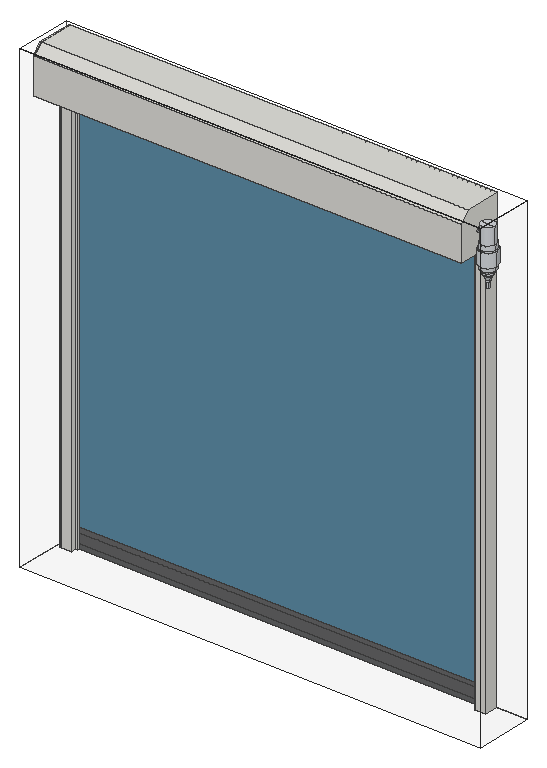
Revit family "HighSpeed_Door_ZIP1000_DE", category Türen, Revit 2022
Family settings
  Basisbauteil = Wand
  OmniClass-Nummer = 23.30.10.00
  OmniClass-Titel = Doors
  Immer vertikal = Ja
  Beim Laden mit Abzugskörper schneiden = Nein
  Gemeinsam genutzt = Nein
  Raumberechnungspunkt = Nein
Parameters
  Zarge Material = Seuster - RAL 9002
  Wärmeschutz = ""  # constant formula
  Windlastklasse nach EN 12424 = "Klasse 3"  # constant formula
  Warnung [instance] = if(and(Rough Width < Cal_Min Width, Rough Height < Cal_Min Height), "Die Breite und Die Höhe sind zu klein,\r\nDie minimale Breite beträgt 2000mm und Die minimale Höhe beträgt 2000mm!", if(and(Rough Width > Cal_Max Width, Rough Height > Cal_Max Height), "Die Breite und Die Höhe sind zu groß,\r\nDie maximale Breite beträgt 5000mm und Die maximale Höhe beträgt 5000mm!", if(and(Rough Width < Cal_Min Width, Rough Height > Cal_Max Height), "Die Breite ist zu klein und Die Höhe ist zu groß,\r\nDie minimale Breite beträgt 2000mm und Die maximale Höhe beträgt 5000mm!", if(and(Rough Width > Cal_Max Width, Rough Height < Cal_Min Height), "Die Breite ist zu groß und Die Höhe ist zu klein,\r\nDie maximale Breite beträgt 5000mm und Die minimale Höhe beträgt 2000mm!", if(Rough Width < Cal_Min Width, "Die Breite ist zu klein,\r\nDie minimale Breite beträgt 2000mm!", if(Rough Width > Cal_Max Width, "Die Breite ist zu groß,\r\nDie maximale Breite beträgt 5000mm!", if(Rough Height < Cal_Min Height, "Die Höhe ist zu klein,\r\nDie minimale Höhe beträgt 2000mm!", if(Rough Height > Cal_Max Height, "Die Höhe ist zu groß,\r\nDie maximale Höhe beträgt 5000mm!", "Keiner"))))))))  # "Keiner"
  Umweltproduktdeklaration = "EPD-HSEL-0.9.1"  # constant formula
  URL 3 = "https://www.seuster.de/service/downloads"
  URL 2 = "https://www.ap-seuster.de/index.php"
  URL = "https://seuster.de"
  UK Sichtfeld Höhe = 1300 mm  # constant formula
  Torlaufgeschwindigkeit Öffnen = "ca. 2,0 m / Sek."  # constant formula
  Torlaufgeschwindigkeit Schließen = "ca. 1,0 m / Sek."  # constant formula
  Steuerung Typ = if(Steuerung Typ Id = 1, "BK FU Z", if(Steuerung Typ Id = 2, "BK 150 FUE-1", "BK FU Z"))  # "BK FU Z"
  Sichtfeld Höhe = 900 mm  # constant formula
  Schließkantensicherung = "Lichtgitter"  # constant formula
  Schallschutz = "ohne"  # constant formula
  STLB Leistungsbereich = "Türen / Tore - Metall"  # constant formula
  STLB Gewerk = "31"  # constant formula
  Platzbedarf Lagerseite = 170 mm  # constant formula
  Platzbedarf Antriebsseite = 340 mm  # constant formula
  Notöffnung = "Service- und"  # constant formula
  Montageart Typ = if(Montageart Typ Id = 1, "Wandanbindung seitlich", if(Montageart Typ Id = 2, "Wandanbindung oben", "Wandanbindung seitlich"))  # "Wandanbindung seitlich"
  Minimalen Platzbedarf anzeigen [instance] = yes
  Fußbodenaufbau = 0 mm
  Fehlermeldung anzeigen [instance] = yes
  Einsatzbereich (Temperatur) = "5° bis -40°C"  # constant formula
  Einbruchschutz = "ohne"  # constant formula
  Einbauort = if(Einbauort Id = 1, "innere Wände", if(Einbauort Id = 2, "äußere Wände", "innere Wände"))  # "innere Wände"
  Dicke = 0 mm  # constant formula
  Steuerung Typ Id = 1
  Rough Width = 3000 mm
  Rough Height = 3000 mm
  Montageart Typ Id = 1
  Modell = "ZIP 1000"  # constant formula
  Hersteller = "Seuster"  # constant formula
  Einbauort Id = 1
  Durchlässigkeit für sichtbares Licht = "0.0"  # constant formula
  DIN 276 Kostengruppe = "344"  # constant formula
  Cal_Vision Panel Cut = if(Behang Sichtfeld Typ Id = 2, -5 mm, 5 mm)  # 5 mm
  Cal_Vision Panel = Behang Sichtfeld Typ Id = 2  # no
  Cal_Motor Cover = [Antriebs- / Wellenverkleidung Typ Id] = 1  # no
  Cal_Min Space Height = if(Montageart Typ Id = 2, 600 mm, 500 mm)  # 500 mm
  CE-Kennzeichnung vorhanden = 1 < 2  # yes
  Behang Stärke = 0.9 mm  # constant formula
  Behang Sichtfeld Typ Id = 1
  Behang Sichtfeld Typ = if(Behang Sichtfeld Typ Id = 1, "ohne Sichtfeld", if(Behang Sichtfeld Typ Id = 2, "mit Sichtfeld", "ohne Sichtfeld"))  # "ohne Sichtfeld"
  Behang Sichtfeld Stärke = 2 mm  # constant formula
  Behang Sichtfeld = "transparentes PVC"  # constant formula
  Funktion = Innen
  Height = if(Rough Height < Cal_Min Height, Cal_Min Height, if(Rough Height > Cal_Max Height, Cal_Max Height, Rough Height))  # 3000 mm
  Wandabschluss = Nach Basisbauteil
  Breite = if(Rough Width < Cal_Min Width, Cal_Min Width, if(Rough Width > Cal_Max Width, Cal_Max Width, Rough Width))  # 3000 mm
  Feuerwiderstandsklasse = "ohne"  # constant formula
  Cal_Warning [instance] = and(Fehlermeldung anzeigen, or(Rough Width < Cal_Min Width, Rough Width > Cal_Max Width, Rough Height < Cal_Min Height, Rough Height > Cal_Max Height))  # no
  Cal_Min Width = 2000 mm  # constant formula
  Cal_Min Height = 2000 mm  # constant formula
  Cal_Max Width = 5000 mm  # constant formula
  Cal_Max Height = 5000 mm  # constant formula
  Behang Material = Seuster - RAL 5010
  Behang = "PVC"  # constant formula
  Antriebs- / Wellenverkleidung Typ Id = 0
  Antriebs- / Wellenverkleidung Typ = if([Antriebs- / Wellenverkleidung Typ Id] = 0, "ohne", if([Antriebs- / Wellenverkleidung Typ Id] = 1, "mit", "ohne"))  # "ohne"
  Antriebs- / Wellenverkleidung Material = Seuster - RAL 9002
  Antriebs- / Wellenverkleidung Ausführung Typ = "Verzinkt"  # constant formula
  Antrieb Typ = "Mit Aufsteckantrieb"  # constant formula
  Antrieb Position Typ Id = 1
  Antrieb Position Typ = if(Antrieb Position Typ Id = 1, "rechts", if(Antrieb Position Typ Id = 2, "links", "rechts"))  # "rechts"
  Abstand von Wand [instance] = 0 mm
Reference planes
  plane 1: y = 0
  plane 2 "Center (Left/Right)": x = 0
  plane 3 "Exterior": y = 150
  plane 4 "Interior": y = -150
  plane 5: z = 0
  plane 6: z = 0
  plane 7: x = -1500
  plane 8: x = 1500
  plane 9: z = 3000
  plane 10: y = -150
  plane 11: y = 400
  plane 12: x = 1602
  plane 13: x = -1602
  plane 14: z = 3148
  plane 15: y = -191.5
  plane 16: x = 1514
  plane 17: x = -1514
  plane 18: x = -1612
  plane 19: x = 1612
  plane 20: z = 3478
  plane 21: y = -324
  plane 22: z = 3312
  plane 23: x = 1685
  plane 24: z = 2863
  plane 25: x = 1764
  plane 26: y = -534
  plane 27: z = 150
  plane 28: z = 1300
  plane 29: z = 2200
  plane 30: y = -190
  plane 31: y = -193
  plane 32: y = -583
  plane 33: z = 3500
  plane 34: x = -1630
  plane 35: x = 1840
Forms (mm)
  Sweep 1, solid, material "Seuster - RAL 9002" <- "Zarge Material"
    path origin (-2200, -150, 1200) x (-1, 0, 0) y (0, 0, 1)
      loop
        line (-3802, -1200) -> (-3802, 1948)
    profile origin (1602, -150, 1574) x (1, 0, 0) y (0, 1, 0)
      loop
        line (0, 0) -> (-64, 0) -> (-64, -62) -> (-85, -62) -> (-85, -94) -> (0, -94) -> (0, 0)
      loop
        line (-62, -2) -> (-62, -64) -> (-83, -64) -> (-83, -92) -> (-2, -92) -> (-2, -2) -> (-62, -2)
  Sweep 2, solid, material "Seuster - RAL 9002" <- "Zarge Material"
    path origin (-2200, -150, 1200) x (-1, 0, 0) y (0, 0, 1)
      loop
        line (-3802, -1200) -> (-3802, 1948)
    profile origin (1602, -150, 1574) x (1, 0, 0) y (0, 1, 0)
      loop
        line (-64, -52) -> (-64, -31) -> (-102, -31) -> (-102, -39) -> (-97, -39) -> (-97, -36) -> (-85, -36) -> (-85, -47) -> (-97, -47) -> (-97, -44) -> (-102, -44) -> (-102, -52) -> (-64, -52)
  Sweep 3, solid, material "Seuster - RAL 9002" <- "Zarge Material"
    path origin (-2200, -150, 1200) x (-1, 0, 0) y (0, 0, 1)
      loop
        line (-598, 1948) -> (-598, -1200)
    profile origin (-1602, -150, 1574) x (0, 1, 0) y (-1, 0, 0)
      loop
        line (-52, -64) -> (-52, -102) -> (-44, -102) -> (-44, -97) -> (-47, -97) -> (-47, -85) -> (-36, -85) -> (-36, -97) -> (-39, -97) -> (-39, -102) -> (-31, -102) -> (-31, -64) -> (-52, -64)
  Sweep 4, solid, material "Seuster - RAL 9002" <- "Zarge Material"
    path origin (-2200, -150, 1200) x (-1, 0, 0) y (0, 0, 1)
      loop
        line (-598, 1948) -> (-598, -1200)
    profile origin (-1602, -150, 1574) x (0, 1, 0) y (-1, 0, 0)
      loop
        line (0, 0) -> (-94, 0) -> (-94, -85) -> (-62, -85) -> (-62, -64) -> (0, -64) -> (0, 0)
      loop
        line (-2, -62) -> (-2, -2) -> (-92, -2) -> (-92, -83) -> (-64, -83) -> (-64, -62) -> (-2, -62)
  Sweep 5, solid, material "Seuster - RAL 9002" <- "Antriebs- / Wellenverkleidung Material"
    path origin (-2200, -150, 1200) x (-1, 0, 0) y (0, 0, 1)
      loop
        line (-3812, 1948) -> (-588, 1948)
    profile origin (0, -150, 3148) x (0, 0, 1) y (0, 1, 0)
      loop
        line (0, 0) -> (0, -333) -> (265, -333) -> (330, -268) -> (330, 0) -> (0, 0)
      loop
        line (325, -5.03) -> (5, -6.97) -> (5, -328) -> (262.929, -328) -> (325, -265.929) -> (325, -5.03)
  Extrusion 6, solid, material "Seuster - RAL 9002" <- "Antriebs- / Wellenverkleidung Material"
    sketch origin (-1612, -300, 3157.693) x (0, 0, 1) y (0, -1, 0)
      loop
        line (320.307, -150) -> (320.307, 118) -> (255.307, 183) -> (-9.693, 183) -> (-9.693, -150) -> (320.307, -150)
    from 0 to 5
  Extrusion 7, solid, material "Seuster - RAL 9002" <- "Antriebs- / Wellenverkleidung Material"
    sketch origin (1612, -300, -200) x (0, 0, -1) y (0, -1, 0)
      loop
        line (-3678, -150) -> (-3348, -150) -> (-3348, 183) -> (-3613, 183) -> (-3678, 118) -> (-3678, -150)
    from 0 to 5
  Extrusion 8, solid, material "Seuster - RAL 9002" <- "Antriebs- / Wellenverkleidung Material", visible <- "Cal_Motor Cover"
    sketch origin (0, 0, 0) x (1, 0, 0) y (0, 1, 0)
      loop
        line (1612, -484) -> (1662, -534) -> (1714, -534) -> (1764, -484) -> (1764, -150) -> (1612, -150) -> (1612, -484)
      loop
        line (1617, -155) -> (1617, -481.929) -> (1664.071, -529) -> (1711.929, -529) -> (1759, -481.929) -> (1759, -155) -> (1617, -155)
    from 2863 to 3478
  Extrusion 9, solid, material "Seuster - RAL 9002" <- "Antriebs- / Wellenverkleidung Material", visible <- "Cal_Motor Cover"
    sketch origin (1735.856, 300, 2863) x (1, 0, 0) y (0, 1, 0)
      loop
        line (-123.856, -784) -> (-73.856, -834) -> (-21.856, -834) -> (28.144, -784) -> (28.144, -450) -> (-123.856, -450) -> (-123.856, -784)
    from 0 to 5
  Extrusion 10, solid, material "Seuster - RAL 9002" <- "Antriebs- / Wellenverkleidung Material", visible <- "Cal_Motor Cover"
    sketch origin (1735.856, 300, 3478) x (1, 0, 0) y (0, 1, 0)
      loop
        line (-123.856, -784) -> (-73.856, -834) -> (-21.856, -834) -> (28.144, -784) -> (28.144, -450) -> (-123.856, -450) -> (-123.856, -784)
    from 0 to -5
  Sweep 11, solid, material "Seuster - RAL 9005"
    path origin (0, 0, 0) x (1, 0, 0) y (0, 1, 0)
      loop
        line (-1514, -191.5) -> (1514, -191.5)
    profile origin (0, -191.5, 0) x (0, 1, 0) y (0, 0, 1)
      loop
        line (-1.5, 0) -> (1.5, 0) -> (2.5, 36) -> (2.5, 114) -> (1.5, 150) -> (-1.5, 150) -> (-2.5, 114) -> (-2.5, 36) -> (-1.5, 0)
  Extrusion 12, solid, material "Seuster - RAL 5010" <- "Behang Material"
    sketch origin (0, 0, 0) x (0, 1, 0) y (0, 0, 1)
      loop
        line (-190, 150) -> (-190, 3148) -> (-193, 3148) -> (-193, 150) -> (-190, 150)
    from -1514 to 1514
  Extrusion 13, solid, material "Seuster - Glas", visible <- "Cal_Vision Panel"
    sketch origin (0, 0, 0) x (0, 1, 0) y (0, 0, 1)
      loop
        line (-190, 2200) -> (-193, 2200) -> (-193, 1300) -> (-190, 1300) -> (-190, 2200)
    from -1514 to 1514
  Extrusion 14, solid, material "Seuster - Glas"
    sketch origin (0, 0, 0) x (0, 1, 0) y (0, 0, 1)
      loop
        line (-150, 3500) -> (-583, 3500) -> (-583, 0) -> (-150, 0) -> (-150, 3500)
    from -1630 to 1840
  Extrusion 15, void
    sketch origin (-1517, -193, 1200) x (1, 0, 0) y (0, 0, 1)
      loop
        line (3, 1000) -> (3, 100) -> (3031, 100) -> (3031, 1000) -> (3, 1000)
    from 0 to 5 <- "Cal_Vision Panel Cut"
Cuts and joins
  joined: Sweep 5, Extrusion 6, Extrusion 7
  joined: Extrusion 8, Extrusion 9, Extrusion 10
  Extrusion 15 cuts Extrusion 12
Lines and regions (mm)
  Opening 1
    outline origin (-5000, -150, 0) x (1, 0, 0) y (0, 0, 1)
      loop
        line (6500, 3000) -> (3500, 3000) -> (3500, 0) -> (6500, 0) -> (6500, 3000)
  Masking region 1
    outline origin (0, 0, 0) x (1, 0, 0) y (0, 1, 0)
      loop
        line (1514, -190) -> (-1514, -190) -> (-1514, -193) -> (1514, -193) -> (1514, -190)
  symbolic lines, style "Seuster - Minimalen Platzbedarf", visible <- "Minimalen Platzbedarf anzeigen"
    curve 1: line (-1630, -150, 0) -> (1840, -150, 0)
    curve 2: line (-1630, -150, 0) -> (-1630, -583, 0)
    curve 3: line (-1630, -583, 0) -> (1840, -583, 0)
    curve 4: line (1840, -150, 0) -> (1840, -583, 0)
    curve 5: line (-1630, -150, 3500) -> (-1630, -150, 0)
    curve 6: line (-1630, -150, 3500) -> (1840, -150, 3500)
    curve 7: line (1840, -150, 3500) -> (1840, -150, 0)
    curve 8: line (-1630, -150, 0) -> (1840, -150, 0)
    curve 9: line (-1250, -150, 3500) -> (-1250, -583, 3500)
    curve 10: line (-1250, -583, 0) -> (-1250, -583, 3500)
    curve 11: line (-1250, -150, 0) -> (-1250, -150, 3500)
    curve 12: line (-1250, -150, 0) -> (-1250, -583, 0)
Text (mm)
  text "Exterior" at (-2199.239, 289.076, 0), in view "Ref. Level"
  text "Exterior" at (0, 473.731, 3979.889), in view "Left"
  text "Exterior" at (0, 170.417, 3979.636), in view "Right"
Dimensions and locks
  locked: plane 3 "Exterior" to host wall
  locked: plane 4 "Interior" to host wall
  "Fußbodenaufbau": plane 6 to plane 5
  equal spacing: plane 8, plane 2 "Center (Left/Right)", plane 7
  "Breite": plane 8 to plane 7
  "Height": plane 5 to plane 9
  "Abstand von Wand": plane 10 to plane 4 "Interior"
  plane 3 "Exterior" to plane 11 = 250 mm
  plane 8 to plane 16 to plane 12 to plane 19 to plane 23 to plane 25 to plane 35 = 14 mm locked, 88 mm locked, 10 mm locked, 73 mm locked, 79 mm locked, 76 mm locked
  plane 7 to plane 17 to plane 13 to plane 18 to plane 34 = 14 mm locked, 88 mm locked, 10 mm locked, 18 mm locked
  plane 20 to plane 22 to plane 14 to plane 9 to plane 24 = 166 mm locked, 164 mm locked, 148 mm locked, 137 mm locked
  plane 10 to plane 30 to plane 15 to plane 31 to plane 21 to plane 26 to plane 32 = 40 mm locked, 1.5 mm locked, 1.5 mm locked, 131 mm, 210 mm locked, 49 mm locked
  locked: plane 27 to plane 5 at 150
  plane 29 to plane 28 to plane 5 = 900 mm locked, 1300 mm locked
  "Cal_Min Space Height": plane 33 to plane 9
  aligned and locked: plane 1 to host wall
  aligned and locked: level to plane 5
  aligned and locked: plane 9 to Opening 1 sketch curve
  aligned and locked: plane 8 to Opening 1 sketch curve
  aligned and locked: plane 7 to Opening 1 sketch curve
  aligned and locked: plane 6 to Opening 1 sketch curve
  aligned and locked: plane 2 "Center (Left/Right)" to nested 1
  aligned and locked: plane 11 to nested 1
  aligned and locked: plane 12 to Sweep 1 sketch curve
  aligned and locked: plane 14 to Sweep 1 sketch curve
  aligned and locked: plane 5 to Sweep 1 sketch curve
  aligned and locked: plane 12 to Sweep 2 sketch curve
  aligned and locked: plane 14 to Sweep 2 sketch curve
  aligned and locked: plane 5 to Sweep 2 sketch curve
  aligned and locked: plane 13 to Sweep 3 sketch curve
  aligned and locked: plane 14 to Sweep 3 sketch curve
  aligned and locked: plane 5 to Sweep 3 sketch curve
  aligned and locked: plane 13 to Sweep 4 sketch curve
  aligned and locked: plane 14 to Sweep 4 sketch curve
  aligned and locked: plane 5 to Sweep 4 sketch curve
  aligned and locked: plane 14 to Sweep 5 sketch curve
  aligned and locked: plane 18 to Sweep 5 sketch curve
  aligned and locked: plane 19 to Sweep 5 sketch curve
  aligned and locked: Extrusion 6 sketch curve to Sweep 5  (x5)
  aligned and locked: Extrusion 7 sketch curve to plane 10
  aligned and locked: Extrusion 7 sketch curve to plane 20
  aligned and locked: Extrusion 7 sketch curve to cut or joined group of Sweep 5, Extrusion 6, Extrusion 7  (x2)
  aligned and locked: Extrusion 7 sketch curve to plane 14
  aligned and locked: nested 2 to plane 21
  aligned and locked: nested 2 to plane 22
  aligned and locked: nested 2 to plane 23
  aligned and locked: Extrusion 8 sketch curve to plane 10
  aligned and locked: Extrusion 8 sketch curve to plane 25
  aligned and locked: Extrusion 8 sketch curve to plane 26
  aligned and locked: plane 20 to Extrusion 8
  aligned and locked: Extrusion 8 to plane 24
  aligned and locked: Extrusion 8 sketch curve to plane 19
  aligned and locked: Sweep 11 sketch curve to plane 15
  aligned and locked: plane 17 to Sweep 11 sketch curve
  aligned and locked: plane 16 to Sweep 11 sketch curve
  aligned and locked: plane 27 to Extrusion 12 sketch curve
  aligned and locked: plane 17 to Extrusion 12
  aligned and locked: plane 16 to Extrusion 12
  aligned and locked: plane 29 to Extrusion 13 sketch curve
  aligned and locked: plane 28 to Extrusion 13 sketch curve
  aligned and locked: plane 17 to Extrusion 13
  aligned and locked: plane 16 to Extrusion 13
  aligned and locked: nested 3 to plane 10
  aligned and locked: nested 3 to plane 12
  aligned and locked: plane 10 to nested 4
  aligned and locked: plane 13 to nested 4
  aligned and locked: Masking region 1 sketch curve to plane 16
  aligned and locked: Masking region 1 sketch curve to plane 30
  aligned and locked: Masking region 1 sketch curve to plane 31
  aligned and locked: plane 17 to Masking region 1 sketch curve
  aligned and locked: curve 1 to plane 10
  aligned and locked: curve 2 to plane 34
  aligned and locked: curve 3 to plane 32
  aligned and locked: curve 4 to plane 35
  aligned and locked: plane 34 to curve 5
  aligned and locked: plane 33 to curve 6
  aligned and locked: plane 35 to curve 7
  aligned and locked: plane 5 to curve 8
  aligned and locked: plane 33 to curve 9
  aligned and locked: plane 32 to curve 10
  aligned and locked: plane 10 to curve 11
  aligned and locked: plane 5 to curve 12
  aligned and locked: plane 33 to Extrusion 14 sketch curve
  aligned and locked: plane 32 to Extrusion 14 sketch curve
  aligned and locked: plane 10 to Extrusion 14 sketch curve
  aligned and locked: plane 5 to Extrusion 14 sketch curve
  aligned and locked: plane 35 to Extrusion 14
  aligned and locked: Extrusion 14 to plane 34
  aligned and locked: plane 14 to Extrusion 12 sketch curve
  aligned and locked: Extrusion 15 sketch curve to plane 29
  aligned and locked: Extrusion 15 sketch curve to plane 28
  aligned and locked: plane 17 to Extrusion 15 sketch curve
  aligned and locked: Extrusion 15 sketch curve to plane 16
Automatic sketch dimensions
  Sweep 1 sketch curve to plane 10 = 0 mm
  Sweep 1 sketch curve to plane 10 = 2 mm
  Sweep 1 sketch curve to profile plane = 0 mm
  profile plane to Sweep 1 sketch curve = 2 mm
  profile plane to Sweep 1 sketch curve = 64 mm
  Sweep 1 sketch curve to Sweep 1 sketch curve = 19 mm
  Sweep 1 sketch curve to Sweep 1 sketch curve = 2 mm  (x4)
  Sweep 1 sketch curve to Sweep 1 sketch curve = 60 mm
  Sweep 1 sketch curve to Sweep 1 sketch curve = 28 mm
  Sweep 2 sketch curve to plane 10 = 31 mm
  profile plane to Sweep 2 sketch curve = 102 mm
  Sweep 2 sketch curve to Sweep 2 sketch curve = 0 mm
  Sweep 2 sketch curve to Sweep 2 sketch curve = 5 mm  (x5)
  Sweep 2 sketch curve to Sweep 2 sketch curve = 12 mm
  Sweep 2 sketch curve to Sweep 2 sketch curve = 3 mm  (x2)
  Sweep 2 sketch curve to Sweep 2 sketch curve = 21 mm
  Sweep 3 sketch curve to plane 10 = 52 mm
  Sweep 3 sketch curve to Sweep 3 sketch curve = 5 mm  (x5)
  Sweep 3 sketch curve to Sweep 3 sketch curve = 3 mm
  Sweep 3 sketch curve to Sweep 3 sketch curve = 11 mm
  profile plane to Sweep 3 sketch curve = 102 mm
  Sweep 3 sketch curve to Sweep 3 sketch curve = 0 mm
  Sweep 3 sketch curve to Sweep 3 sketch curve = 12 mm
  Sweep 3 sketch curve to Sweep 3 sketch curve = 21 mm
  Sweep 4 sketch curve to profile plane = 0 mm
  Sweep 4 sketch curve to plane 10 = 0 mm
  Sweep 4 sketch curve to plane 10 = 2 mm
  Sweep 4 sketch curve to Sweep 4 sketch curve = 60 mm  (x2)
  Sweep 4 sketch curve to Sweep 4 sketch curve = 2 mm  (x4)
  profile plane to Sweep 4 sketch curve = 2 mm
  Sweep 4 sketch curve to Sweep 4 sketch curve = 28 mm
  Sweep 4 sketch curve to Sweep 4 sketch curve = 21 mm
  Sweep 5 sketch curve to plane 10 = 0 mm
  profile plane to Sweep 5 sketch curve = 0 mm
  Sweep 5 sketch curve to plane 10 = 5.03 mm
  Sweep 5 sketch curve to Sweep 5 sketch curve = 257.929 mm
  Sweep 5 sketch curve to Sweep 5 sketch curve = 2.071 mm  (x2)
  Sweep 5 sketch curve to Sweep 5 sketch curve = 62.071 mm  (x2)
  Sweep 5 sketch curve to Sweep 5 sketch curve = 260.899 mm
  Sweep 5 sketch curve to Sweep 5 sketch curve = 5 mm  (x2)
  Sweep 5 sketch curve to profile plane = 5 mm
  Sweep 5 sketch curve to plane 10 = 6.97 mm
  Sweep 11 sketch curve to level = 0 mm
  profile plane to Sweep 11 sketch curve = 1.5 mm  (x2)
  Sweep 11 sketch curve to profile plane = 1.5 mm  (x2)
  Sweep 11 sketch curve to profile plane = 2.5 mm
  level to Sweep 11 sketch curve = 36 mm
  Sweep 11 sketch curve to Sweep 11 sketch curve = 78 mm
  Sweep 11 sketch curve to Sweep 11 sketch curve = 36 mm
  profile plane to Sweep 11 sketch curve = 2.5 mm
  Sweep 11 sketch curve to Sweep 11 sketch curve = 0 mm  (x2)
  Extrusion 13 sketch curve to plane 15 = 1.5 mm
  plane 15 to Extrusion 13 sketch curve = 1.5 mm
  Extrusion 12 sketch curve to plane 31 = 0 mm
  Extrusion 12 sketch curve to plane 30 = 0 mm
  Extrusion 8 sketch curve to plane 19 = 5 mm
  plane 26 to Extrusion 8 sketch curve = 5 mm
  Extrusion 8 sketch curve to plane 23 = 26.929 mm
  Extrusion 8 sketch curve to Extrusion 8 sketch curve = 2.071 mm  (x4)
  plane 25 to Extrusion 8 sketch curve = 5 mm
  plane 26 to Extrusion 8 sketch curve = 50 mm
  host wall to Extrusion 8 sketch curve = 5 mm
  plane 23 to Extrusion 8 sketch curve = 23 mm
  Extrusion 8 sketch curve to Extrusion 8 sketch curve = 45 mm
  host wall to Extrusion 10 sketch curve = 0 mm
  Extrusion 10 sketch curve to plane 19 = 0 mm
  Extrusion 10 sketch curve to plane 26 = 0 mm
  Extrusion 10 sketch curve to plane 25 = 0 mm
  plane 23 to Extrusion 10 sketch curve = 23 mm
  Extrusion 10 sketch curve to plane 23 = 29 mm
  plane 26 to Extrusion 10 sketch curve = 50 mm  (x2)
  host wall to Extrusion 9 sketch curve = 0 mm
  Extrusion 9 sketch curve to plane 19 = 0 mm
  Extrusion 9 sketch curve to plane 26 = 0 mm
  Extrusion 9 sketch curve to plane 25 = 0 mm
  plane 23 to Extrusion 9 sketch curve = 23 mm
  Extrusion 9 sketch curve to plane 23 = 29 mm
  plane 26 to Extrusion 9 sketch curve = 50 mm  (x2)
Nested families
  nested 1: "Hörmann - Warning 2D3D" at (0, 400, 0), visible <- "Cal_Warning", type "SizeError"
    with Warning Text "Warning Text"
  nested 2: "Motor" at (1685, -324, 3312), type "Motor"
  nested 3: "Frame" at (1602, -150, 0), type "Frame"
  nested 4: "Frame" at (-1602, -150, 0) x (-1, 0, 0) z (0, 0, 1), type "Frame"
Definition of nested family "Hörmann - Warning 2D3D"
  Parameters (values of type "SizeError")
    Warning Text [instance] = "Warning Text"
    Define Thermal Properties by = 1
    Default Elevation = 0 mm  # constant formula
    Analytic Construction = "<None>"
  Reference planes
    plane 1 "Center (Front/Back)": y = 0
    plane 2: z = 0
    plane 3 "Center (Left/Right)": x = 0
  Forms (mm)
    Extrusion 1, solid
      sketch origin (-184.357, -502.731, 0) x (1, 0, 0) y (0, 1, 0)
        loop
          line (184.357, 622.731) -> (45.792, 382.731) -> (322.921, 382.731) -> (184.357, 622.731)
        loop
          line (184.357, 571.591) -> (89.357, 407.047) -> (279.357, 407.047) -> (184.357, 571.591)
        loop
          circle (184.357, 428.322) r 10
        loop
          line (191.913, 453.01) -> (196.324, 508.349)
          arc (196.324, 508.349) -> (184.357, 521.308) -> (172.389, 508.349) r 12.005
          line (172.389, 508.349) -> (176.8, 453.01)
          arc (176.8, 453.01) -> (184.357, 446.032) -> (191.913, 453.01) r 7.581
      from 0 to 10
  Dimensions and locks
    aligned and locked: level to plane 2
    aligned and locked: plane 3 "Center (Left/Right)" to nested 1
    aligned and locked: plane 1 "Center (Front/Back)" to nested 1
  Nested families
    nested 1: "Hörmann - Warning 2D" at (0, 0, 0), type "Hörmann - Warning 2D"
  Definition of nested family "Hörmann - Warning 2D"
    Reference planes
      plane 1 "Center (Front/Back)": y = 0
      plane 2: z = 0
      plane 3 "Center (Left/Right)": x = 0
    Lines and regions (mm)
      Filled region 1, type "Hörmann - Warnung", in view "Ref. Level"
        outline origin (0, 0, 0) x (1, 0, 0) y (0, 1, 0)
          loop
            line (0, 120) -> (-138.564, -120) -> (138.564, -120) -> (0, 120)
          loop
            line (0, 68.861) -> (-95, -95.684) -> (95, -95.684) -> (0, 68.861)
          loop
            circle (0, -74.408) r 10
          loop
            line (7.557, -49.721) -> (11.967, 5.618)
            arc (11.967, 5.618) -> (0, 18.577) -> (-11.967, 5.618) r 12.005
            line (-11.967, 5.618) -> (-7.557, -49.721)
            arc (-7.557, -49.721) -> (0, -56.699) -> (7.557, -49.721) r 7.581
      Masking region 1, in view "Ref. Level"
        outline origin (0, 0, 0) x (1, 0, 0) y (0, 1, 0)
          loop
            line (-147.224, -125) -> (147.224, -125) -> (0, 130) -> (-147.224, -125)
Definition of nested family "Motor"
  Parameters (values of type "Motor")
    Width = 0 mm  # constant formula
    Thickness = 0 mm  # constant formula
    Rough Width = 0 mm  # constant formula
    Rough Height = 0 mm  # constant formula
    Material = none
    Height = 0 mm  # constant formula
    Define Thermal Properties by = 1
    Default Elevation = 0 mm  # constant formula
    Analytic Construction = "<None>"
  Reference planes
    plane 1 "Center (Front/Back)": y = 0
    plane 2: z = 0
    plane 3 "Center (Left/Right)": x = 0
    plane 4: z = 0
  Forms (mm)
    Revolve 1, solid, material <- "Material"
      sketch origin (0, 0, 0) x (1, 0, 0) y (0, 0, 1)
        loop
          line (0, 56) -> (0, -370) -> (7.5, -370) -> (7.5, -328) -> (13.5, -328) -> (13.5, -316) -> (28.5, -286) -> (28.5, -281.5) -> (29.5, -281.5) -> (29.5, -275.5) -> (25, -275.5) -> (25, -271) -> (39, -271) -> (39, -254) -> (44.5, -254) -> (47.5, -246.5) -> (44.5, -239) -> (55.5, -239) -> (58, -207) -> (66, -207)
          arc (66, -207) -> (68.065, -157) -> (66, -107) r 606.263
          line (66, -107) -> (63, -104) -> (63, -99) -> (58, -99) -> (58, -64) -> (50, -64) -> (50, 56) -> (0, 56)
        axis (0, 56) -> (0, -370)
      angle from 0 to 360
    Extrusion 2, solid, material <- "Material"
      sketch origin (0, 0, 0) x (0, 1, 0) y (0, 0, 1)
        loop
          circle (0, 0) r 17.5
      from 0 to -73
  Cuts and joins
    joined: Revolve 1, Extrusion 2
  Dimensions and locks
    aligned and locked: plane 2 to level
    aligned and locked: Revolve 1 sketch curve to plane 3 "Center (Left/Right)"
Definition of nested family "Frame"
  Parameters (values of type "Frame")
    Width = 0 mm  # constant formula
    Thickness = 0 mm  # constant formula
    Rough Width = 0 mm  # constant formula
    Rough Height = 0 mm  # constant formula
    Height = 0 mm  # constant formula
    Define Thermal Properties by = 1
    Default Elevation = 0 mm  # constant formula
    Analytic Construction = "<None>"
  Reference planes
    plane 1 "Center (Front/Back)": y = 0
    plane 2: z = 0
    plane 3 "Center (Left/Right)": x = 0
    plane 4: z = 0
    plane 5: z = 115
  Lines and regions (mm)
    Masking region 1
      outline origin (0, 0, 0) x (1, 0, 0) y (0, 1, 0)
        loop
          line (0, 0) -> (-64, 0) -> (-64, -62) -> (-85, -62) -> (-85, -94) -> (0, -94) -> (0, 0)
    Masking region 2
      outline origin (0, 0, 0) x (1, 0, 0) y (0, 1, 0)
        loop
          line (0, 0) -> (-64, 0) -> (-64, -62) -> (-85, -62) -> (-85, -94) -> (0, -94) -> (0, 0)
        loop
          line (-62, -2) -> (-62, -64) -> (-83, -64) -> (-83, -92) -> (-2, -92) -> (-2, -2) -> (-62, -2)
    Masking region 3
      outline origin (0, 0, 0) x (1, 0, 0) y (0, 1, 0)
        loop
          line (-64, -52) -> (-64, -31) -> (-102, -31) -> (-102, -39) -> (-97, -39) -> (-97, -36) -> (-85, -36) -> (-85, -47) -> (-97, -47) -> (-97, -44) -> (-102, -44) -> (-102, -52) -> (-64, -52)
  Dimensions and locks
    "Height": plane 4 to plane 2
    locked: plane 5 to plane 4 at 115
    aligned and locked: plane 2 to level
  Automatic sketch dimensions
    Masking region 1 sketch curve to plane 3 "Center (Left/Right)" = 85 mm
    plane 1 "Center (Front/Back)" to Masking region 1 sketch curve = 0 mm
    Masking region 1 sketch curve to Masking region 1 sketch curve = 21 mm
    Masking region 1 sketch curve to plane 3 "Center (Left/Right)" = 0 mm
    plane 1 "Center (Front/Back)" to Masking region 1 sketch curve = 62 mm
    Masking region 1 sketch curve to Masking region 1 sketch curve = 32 mm
    plane 1 "Center (Front/Back)" to Masking region 2 sketch curve = 0 mm
    Masking region 2 sketch curve to plane 3 "Center (Left/Right)" = 0 mm
    Masking region 2 sketch curve to plane 3 "Center (Left/Right)" = 2 mm
    plane 1 "Center (Front/Back)" to Masking region 2 sketch curve = 2 mm
    Masking region 2 sketch curve to Masking region 2 sketch curve = 60 mm
    Masking region 2 sketch curve to Masking region 2 sketch curve = 2 mm  (x4)
    Masking region 2 sketch curve to Masking region 2 sketch curve = 19 mm
    plane 1 "Center (Front/Back)" to Masking region 2 sketch curve = 62 mm
    Masking region 2 sketch curve to Masking region 2 sketch curve = 28 mm
    plane 1 "Center (Front/Back)" to Masking region 3 sketch curve = 31 mm
    Masking region 3 sketch curve to plane 3 "Center (Left/Right)" = 102 mm
    Masking region 3 sketch curve to Masking region 3 sketch curve = 0 mm
    Masking region 3 sketch curve to Masking region 3 sketch curve = 5 mm  (x4)
    Masking region 3 sketch curve to Masking region 3 sketch curve = 12 mm
    Masking region 3 sketch curve to Masking region 3 sketch curve = 21 mm  (x2)
    Masking region 3 sketch curve to Masking region 3 sketch curve = 3 mm  (x2)
